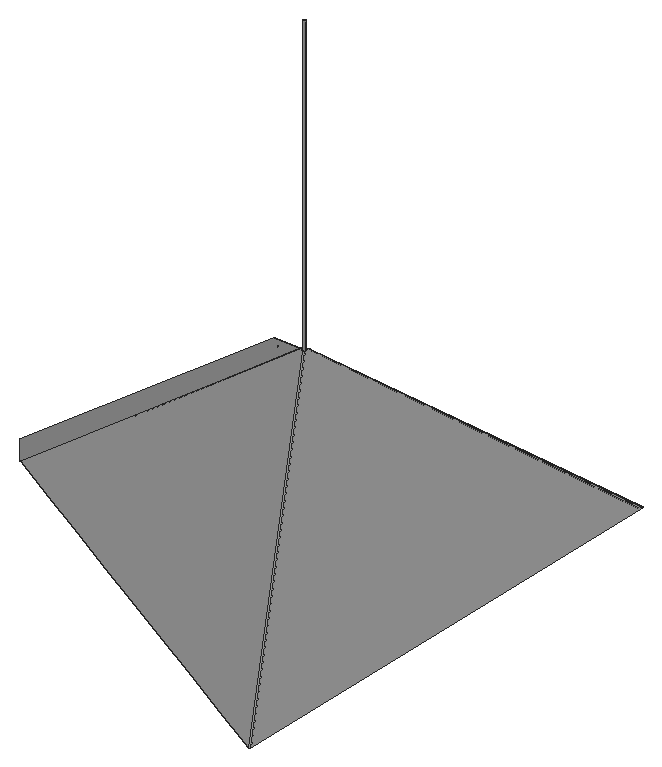
Revit family "Lighting_Pendants_Zero_Top_Pendant", category Lighting Fixtures, Revit 2020
Family settings
  Round Connector Dimension = Use Diameter
  Part Type = Normal
  OmniClass Number = 23.80.70.00
  OmniClass Title = Lighting
  Work Plane-Based = Yes
  Always vertical = Yes
  Cut with Voids When Loaded = No
  Light Source = Yes
  Shared = No
  Room Calculation Point = No
Parameters (values of type "Top Pendant E27/max 20W 1000mm Black")
  Youtube clip = ""
  Weight Net (Kg) = "0"
  Wattage = 8.21317 W
  WarrantyStartDate [instance] = "n/a"
  WarrantyGuarantorParts = "n/a"
  WarrantyGuarantorLabor = "n/a"
  WarrantyDurationUnit = "Year"
  WarrantyDurationParts = "n/a"
  WarrantyDurationLabor = "n/a"
  WarrantyDescription = "n/a"
  built-in parameter 1150110 = 1 (stored number, unit not read)
  VersionDate = "31/08/2023"  # constant formula
  Version = "4"  # constant formula
  UsageCurrent = 0 A
  Uniformat II Description = ""
  Uniformat II Code = ""
  Uniclass2015Reference = "Pr_70_70_48_86"
  Uniclass2015Description = "Suspended luminaires"
  Uniclass2 = "Pr_70_70_49_86"
  Uniclass 2015 Name = ""
  Uniclass 2015 Code = ""
  Uniclass 2.0 Description = ""
  Uniclass 2.0 Code = ""
  Uniclass 1.4 Description = ""
  Uniclass 1.4 Code = ""
  URL = "https://www.zerolighting.com/top-inompe"
  UNSPSC Code = ""
  TotalWattage = 20 W
  built-in parameter 1114217 = 1 (stored number, unit not read)
  Tilt Angle = 90.00°
  built-in parameter 1150109 = 1 (stored number, unit not read)
  built-in parameter 1150134 = (empty or 0)
  Technical description = ""
  TagNumber [instance] = "n/a"
  SustainabilityPerformance = "n/a"
  built-in parameter 1150113 = 1 (stored number, unit not read)
  Size = "867x1000x405 mm"
  Shape = "Pyramid"
  ShadeHeight = 405 mm
  SerialNumber [instance] = "n/a"
  Revision = "7"  # constant formula
  ReplacementCost = "n/a"
  Region South America = "None"
  Region Oceania = "AU, NZ"
  Region North America = "BZ, CR, GT, HN, MX, NI, PA, SV, US"
  Region Middle East = "AE"
  Region Europe = "AD, AL, AT, AX, BA, BE, BG, BY, CH, CY, CZ, DE, DK, EE, ES, FI, FO, FR, GB, GG, GI, GR, HR, HU, IE, IM, IS, IT, JE, LI, LT, LU, LV, MC, MD, ME, MK, MT, NL, NO, PL, PT, RO, RS, RU, SE, SI, SJ, SK, SM, UA, VA"
  Region Asia = "HK, JP, SG"
  Region Antarctica = "None"
  Region Africa = "None"
  ProductInformation = "n/a"
  Product group = "Pendant"
  Product family = "Top"
  Product certification = ""
  Product SKU = "Top_pendant"
  Product Guid = "4cb1c180-66f5-4794-a1c1-9f9fe7bc9403"
  Photometric Web File = "Top7850-3-42W_IES.IES"
  PhaseReference = "n/a"
  PhaseAngle = 0.00°
  OmniClass Description = ""
  OmniClass Code = ""
  NumberOfSources = 0
  NumberOfPoles = 1
  NominalVoltageCalc = 0 V
  NominalVoltage = 230 V
  NominalRadius = 580 mm
  NominalLength = 867 mm
  NominalFrequencyRange = 50 Hz
  NominalDiameter = 1160 mm
  NominalCurrent = 0 A
  Nominal width = 650.1 mm
  Nominal height = 260.4 mm
  Name = "Zero_Top_Pendant"  # constant formula
  NBSReference = "90-60-50/405"
  NBSDescription = "General purpose luminaires"
  NBS Reference Description = ""
  NBS Reference Code = ""
  ModelType = top-1000 : top-1000
  ModelReference = "n/a"
  ModelNumber = ArticleNumber  # "7852306"
  Model = "Top Pendant E27/max 20W 1000mm Black"
  Material secondary = "Acrylic"
  Material main = "Steel"
  Material = "Metal and plastic"
  Masterformat 2014 Description = ""
  Masterformat 2014 Code = ""
  ManufacturersSpecificInformation = "n/a"
  ManufacturerURL = "https://www.zerolighting.com/"
  ManufacturerName = "Zero"
  Manufacturer name = "ZERO"
  Manufacturer country = "Sweden"
  Manufacturer = "Zero"
  MaintenanceFactor = 0
  Lumens = 1220 lm
  built-in parameter 1150115 = 1 (stored number, unit not read)
  built-in parameter 1150105 = 97.085 (stored number, unit not read)
  LightFixturePlacingType = "Ceiling"
  LightFixtureMountingType = "Suspended"
  LightFixtureMainMaterial = Black
  built-in parameter 1150137 = (empty or 0)
  built-in parameter 1150139 = (empty or 0)
  LensMaterial = Tempered glass
  built-in parameter 1150112 = 1 (stored number, unit not read)
  built-in parameter 1150114 = 1 (stored number, unit not read)
  InsulationStandardClass = "n/a"
  InstallationDate [instance] = "n/a"
  Installation instructions = ""
  built-in parameter 1150132 = 2
  built-in parameter 1150102 = (empty or 0)
  built-in parameter 1150138 = (empty or 0)
  built-in parameter 1150107 = 3000 (stored number, unit not read)
  built-in parameter 1150106 = 0.97085 (stored number, unit not read)
  IfcExportType = "NOTDEFINED"  # constant formula
  IfcExportAs = "IfcLightFixtureType"  # constant formula
  IP_Code = "IP20"
  IFC Classification = ""
  HasProtectiveEarth = no
  GTIN code = ""
  Emit from Circle Diameter = 280 mm
  Emit Shape Visible in Rendering = no
  Edition number = 1
  DistanceWidth2 = 594.5 mm
  DistanceWidth1 = 405.5 mm
  DistanceLength2 = 577.8 mm
  DistanceLenght1 = 289.5 mm
  Dimming = "None"
  Grade = "n/a"
  Finish = "Painted metal. Diffuser in matt acrylic."
  Features = "Terminal block 3x4mm2. when HFF 5x4mm2"
  ExpectedLife = "n/a"
  ElectricalDeviceNominalPower = 0
  built-in parameter 1150104 = 13.8 (stored number, unit not read)
  EANNumber = "n/a"
  DurationUnit = "Year"
  Dimming Lamp Color Temperature Shift = <None>
  Designer = "Tham & Videgård"
  Design country = "Sweden"
  DefaultElevation = 0 mm
  Default Elevation [instance] = 1219.2 mm
  Date of publishing = ""
  Constituents = "n/a"
  Color Filter = 16777215
  Color = "Black or white"
  Collection = "Top"
  CodePerformance = "n/a"
  Category = "Pendant"
  CableLength [instance] = 600 mm
  COBIe Type Category = ""
  Brand url = "http://www.zero.se"
  Brand = "Zero"
  Barcode [instance] = "n/a"
  built-in parameter 1114218 = 1 (stored number, unit not read)
  BIMObjectName = "Lighting_Pendants_Zero_Top_Pendant"  # constant formula
  Author = "BIMstone"  # constant formula
  built-in parameter 1150133 = 10 (stored number, unit not read)
  AssetType = "Fixed"
  AssetIdentifier [instance] = "n/a"
  ArticleNumber = "7852306"
  AccessibilityPerformance = "n/a"
Types (20, lengths in mm): name | Wattage | TotalWattage | built-in parameter 1150134 | Size | ShadeHeight | Photometric Web File | NominalRadius | NominalLength | NominalDiameter | ModelType | ModelNumber | Model | Lumens | built-in parameter 1150105 | LightFixtureMainMaterial | built-in parameter 1150107 | built-in parameter 1150106 | Emit from Circle Diameter | DistanceWidth2 | DistanceWidth1 | DistanceLength2 | DistanceLenght1 | Dimming | ArticleNumber
  Top Pendant E27/max 20W 650mm White | 8.21317 W | 20 W | (empty or 0) | "564x650x260 mm" | 260 | "Top7850-3-42W_IES.IES" | 375 | 564 | 750 | top-650 : top-650 | "7852101" | "Top Pendant E27/max 20W 650mm White" | 1220 lm | 97.085 (stored number, unit not read) | White | 3000 (stored number, unit not read) | 0.97085 (stored number, unit not read) | 180 | 417 | 232.954 | 375.7 | 188.5 | "None" | "7852101"
  Top Pendant E27/max 20W 1000mm Black | 8.21317 W | 20 W | (empty or 0) | "867x1000x405 mm" | 405 | "Top7850-3-42W_IES.IES" | 580 | 867 | 1160 | top-1000 : top-1000 | "7852306" | "Top Pendant E27/max 20W 1000mm Black" | 1220 lm | 97.085 (stored number, unit not read) | Black | 3000 (stored number, unit not read) | 0.97085 (stored number, unit not read) | 280 | 594.5 | 405.5 | 577.8 | 289.5 | "None" | "7852306"
  Top Pendant LED 1223LM/17W 650mm White | 8.23336 W | 17 W | (empty or 0) | "564x650x260 mm" | 260 | "Top7857-1_IES.IES" | 375 | 564 | 750 | top-650 : top-650 | "7857101" | "Top Pendant LED 1223LM/17W 650mm White" | 1223 lm | 209.13 (stored number, unit not read) | White | 3000 (stored number, unit not read) | 2.0913 (stored number, unit not read) | 180 | 417 | 232.954 | 375.7 | 188.5 | "None" | "7857101"
  Top Pendant LED 3829LM/32W 1000mm White | 25.7772 W | 32 W | (empty or 0) | "867x1000x405 mm" | 405 | "Top78603-3000K.IES" | 580 | 867 | 1160 | top-1000 : top-1000 | "7860301-30" | "Top Pendant LED 3829LM/32W 1000mm White" | 3829 lm | 304.7 (stored number, unit not read) | White | 3000 (stored number, unit not read) | 3.047 (stored number, unit not read) | 280 | 594.5 | 405.5 | 577.8 | 289.5 | "None" | "7860301-30"
  Top Pendant LED 3829LM/32W 1000mm White DALI | 25.7772 W | 32 W | (empty or 0) | "867x1000x405 mm" | 405 | "Top78603-3000K.IES" | 580 | 867 | 1160 | top-1000 : top-1000 | "7860301D30" | "Top Pendant LED 3829LM/32W 1000mm White DALI" | 3829 lm | 304.7 (stored number, unit not read) | White | 3000 (stored number, unit not read) | 3.047 (stored number, unit not read) | 280 | 594.5 | 405.5 | 577.8 | 289.5 | "Dimmable DALI or SwitchDim" | "7860301D30"
  Top Pendant LED 1223LM/17W 650mm White HFF | 8.23336 W | 17 W | (empty or 0) | "564x650x260 mm" | 260 | "Top7857-1_IES.IES" | 375 | 564 | 750 | top-650 : top-650 | "7857101HFF" | "Top Pendant LED 1223LM/17W 650mm White HFF" | 1223 lm | 209.13 (stored number, unit not read) | White | 3000 (stored number, unit not read) | 2.0913 (stored number, unit not read) | 180 | 417 | 232.954 | 375.7 | 188.5 | "Dimmable DALI or SwitchDim" | "7857101HFF"
  Top Pendant LED 1223LM/17W 650mm Black | 8.23336 W | 17 W | (empty or 0) | "564x650x260 mm" | 260 | "Top7857-1_IES.IES" | 375 | 564 | 750 | top-650 : top-650 | "7857106" | "Top Pendant LED 1223LM/17W 650mm Black" | 1223 lm | 209.13 (stored number, unit not read) | Black | 3000 (stored number, unit not read) | 2.0913 (stored number, unit not read) | 180 | 417 | 232.954 | 375.7 | 188.5 | "None" | "7857106"
  Top Pendant LED 1223LM/17W 650mm Black HFF | 8.23336 W | 17 W | (empty or 0) | "564x650x260 mm" | 260 | "Top7857-1_IES.IES" | 375 | 564 | 750 | top-650 : top-650 | "7857106HFF" | "Top Pendant LED 1223LM/17W 650mm Black HFF" | 1223 lm | 209.13 (stored number, unit not read) | Black | 3000 (stored number, unit not read) | 2.0913 (stored number, unit not read) | 180 | 417 | 232.954 | 375.7 | 188.5 | "Dimmable DALI or SwitchDim" | "7857106HFF"
  Top Pendant LED 3829LM/32W 1000mm Black | 25.7772 W | 32 W | (empty or 0) | "867x1000x405 mm" | 405 | "Top78603-3000K.IES" | 580 | 867 | 1160 | top-1000 : top-1000 | "7860306-30" | "Top Pendant LED 3829LM/32W 1000mm Black" | 3829 lm | 304.7 (stored number, unit not read) | Black | 3000 (stored number, unit not read) | 3.047 (stored number, unit not read) | 280 | 594.5 | 405.5 | 577.8 | 289.5 | "None" | "7860306-30"
  Top Pendant LED 3829LM/32W 1000mm Black DALI | 25.7772 W | 32 W | (empty or 0) | "867x1000x405 mm" | 405 | "Top78603-3000K.IES" | 580 | 867 | 1160 | top-1000 : top-1000 | "7860306D30" | "Top Pendant LED 3829LM/32W 1000mm Black DALI" | 3829 lm | 304.7 (stored number, unit not read) | Black | 3000 (stored number, unit not read) | 3.047 (stored number, unit not read) | 280 | 594.5 | 405.5 | 577.8 | 289.5 | "Dimmable DALI or SwitchDim" | "7860306D30"
  Top Pendant E27/max 20W 650mm Black | 8.21317 W | 20 W | (empty or 0) | "564x650x260 mm" | 260 | "Top7850-3-42W_IES.IES" | 375 | 564 | 750 | top-650 : top-650 | "7852106" | "Top Pendant E27/max 20W 650mm Black" | 1220 lm | 97.085 (stored number, unit not read) | Black | 3000 (stored number, unit not read) | 0.97085 (stored number, unit not read) | 180 | 417 | 232.954 | 375.7 | 188.5 | "None" | "7852106"
  Top Pendant E27/max 20W 1000mm White | 8.21317 W | 20 W | (empty or 0) | "867x1000x405 mm" | 405 | "Top7850-3-42W_IES.IES" | 580 | 867 | 1160 | top-1000 : top-1000 | "7852301" | "Top Pendant E27/max 20W 1000mm White" | 1220 lm | 97.085 (stored number, unit not read) | White | 3000 (stored number, unit not read) | 0.97085 (stored number, unit not read) | 280 | 594.5 | 405.5 | 577.8 | 289.5 | "None" | "7852301"
  Top Pendant LED 1346LM/17W 650mm White | 9.06141 W | 17 W | 12 | "564x650x260 mm" | 260 | "Top7857-1_IES.IES" | 375 | 564 | 750 | top-650 : top-650 | "7857101-40" | "Top Pendant LED 1346LM/17W 650mm White" | 1346 lm | 107.11 (stored number, unit not read) | White | 4000 (stored number, unit not read) | 1.0711 (stored number, unit not read) | 180 | 417 | 232.954 | 375.7 | 188.5 | "None" | "7857101-40"
  Top Pendant LED 1346LM/17W 650mm White DALI | 9.06141 W | 17 W | 12 | "564x650x260 mm" | 260 | "Top7857-1_IES.IES" | 375 | 564 | 750 | top-650 : top-650 | "7857101D40" | "Top Pendant LED 1346LM/17W 650mm White DALI" | 1346 lm | 107.11 (stored number, unit not read) | White | 4000 (stored number, unit not read) | 1.0711 (stored number, unit not read) | 180 | 417 | 232.954 | 375.7 | 188.5 | "Dimmable DALI or SwitchDim" | "7857101D40"
  Top Pendant LED 1346LM/17W 650mm Black | 9.06141 W | 17 W | 12 | "564x650x260 mm" | 260 | "Top7857-1_IES.IES" | 375 | 564 | 750 | top-650 : top-650 | "7857106-40" | "Top Pendant LED 1346LM/17W 650mm Black" | 1346 lm | 107.11 (stored number, unit not read) | Black | 4000 (stored number, unit not read) | 1.0711 (stored number, unit not read) | 180 | 417 | 232.954 | 375.7 | 188.5 | "None" | "7857106-40"
  Top Pendant LED 1346LM/17W 650mm Black DALI | 9.06141 W | 17 W | 12 | "564x650x260 mm" | 260 | "Top7857-1_IES.IES" | 375 | 564 | 750 | top-650 : top-650 | "7857106D40" | "Top Pendant LED 1346LM/17W 650mm Black DALI" | 1346 lm | 107.11 (stored number, unit not read) | Black | 4000 (stored number, unit not read) | 1.0711 (stored number, unit not read) | 180 | 417 | 232.954 | 375.7 | 188.5 | "Dimmable DALI or SwitchDim" | "7857106D40"
  Top Pendant LED 4010LM/32W 1000mm Black | 26.9957 W | 32 W | 12 | "867x1000x405 mm" | 405 | "Top78603-4000K.IES" | 580 | 867 | 1160 | top-1000 : top-1000 | "7860306-40" | "Top Pendant LED 4010LM/32W 1000mm Black" | 4010 lm | 1262.4 (stored number, unit not read) | Black | 4000 (stored number, unit not read) | 12.624 (stored number, unit not read) | 280 | 594.5 | 405.5 | 577.8 | 289.5 | "None" | "7860306-40"
  Top Pendant LED 4010LM/32W 1000mm Black DALI | 26.9957 W | 32 W | 12 | "867x1000x405 mm" | 405 | "Top78603-4000K.IES" | 580 | 867 | 1160 | top-1000 : top-1000 | "7860306D40" | "Top Pendant LED 4010LM/32W 1000mm Black DALI" | 4010 lm | 1262.4 (stored number, unit not read) | Black | 4000 (stored number, unit not read) | 12.624 (stored number, unit not read) | 280 | 594.5 | 405.5 | 577.8 | 289.5 | "Dimmable DALI or SwitchDim" | "7860306D40"
  Top Pendant LED 4010LM/32W 1000mm White | 26.9957 W | 32 W | 12 | "867x1000x405 mm" | 405 | "Top78603-4000K.IES" | 580 | 867 | 1160 | top-1000 : top-1000 | "7860301-40" | "Top Pendant LED 4010LM/32W 1000mm White" | 4010 lm | 1262.4 (stored number, unit not read) | White | 4000 (stored number, unit not read) | 12.624 (stored number, unit not read) | 280 | 594.5 | 405.5 | 577.8 | 289.5 | "None" | "7860301-40"
  Top Pendant LED 4010LM/32W 1000mm White DALI | 26.9957 W | 32 W | 12 | "867x1000x405 mm" | 405 | "Top78603-4000K.IES" | 580 | 867 | 1160 | top-1000 : top-1000 | "7860301D40" | "Top Pendant LED 4010LM/32W 1000mm White DALI" | 4010 lm | 1262.4 (stored number, unit not read) | White | 4000 (stored number, unit not read) | 12.624 (stored number, unit not read) | 280 | 594.5 | 405.5 | 577.8 | 289.5 | "Dimmable DALI or SwitchDim" | "7860301D40"
Reference planes
  plane 1 "Light Source Axis (F/B)": y = 0
  plane 2: z = 0
  plane 3 "Light Source Axis (L/R)": x = 0
  plane 4 "Ceiling": z = 0
  plane 5 "Light Source Elevation": z = -1005
  plane 6: z = -600
  plane 7: y = -93.046
  plane 8: y = 405.5
  plane 9: y = -594.5
  plane 10: x = 289.5
  plane 11: x = -577.8
  plane 12: z = 0
Forms (mm)
  Extrusion 1, solid, material "Black" <- "LightFixtureMainMaterial", detail levels medium+fine
    sketch origin (0, 0, -1005) x (-1, 0, 0) y (0, -1, 0)
      loop
        circle (0, 93.046) r 2.5
    from 405 to 1005
  Extrusion 2, solid, material "Black" <- "LightFixtureMainMaterial", detail levels coarse
    sketch origin (0, 0, -1005) x (-1, 0, 0) y (0, -1, 0)
      loop
        line (577.8, 594.5) -> (-289.487, 594.5) -> (-289.487, -405.54) -> (577.8, -405.54) -> (577.8, 594.5)
    from 0 to 1005
Lines and regions (mm)
  symbolic lines, detail levels medium+fine
    curve 1: line (2.5, 0, -600) -> (2.5, 0, 0)
    curve 2: line (-2.5, 0, 0) -> (-2.5, 0, -600)
    curve 3: line (0, -90.546, -600) -> (0, -90.546, 0)
    curve 4: line (0, -95.546, 0) -> (0, -95.546, -600)
Dimensions and locks
  "ShadeHeight": plane 5 "Light Source Elevation" to plane 6
  "CableLength": level to plane 6
  "DistanceWidth1": plane 1 "Light Source Axis (F/B)" to plane 8
  "DistanceWidth2": plane 9 to plane 1 "Light Source Axis (F/B)"
  "DistanceLength2": plane 11 to plane 3 "Light Source Axis (L/R)"
  "DistanceLenght1": plane 3 "Light Source Axis (L/R)" to plane 10
  aligned and locked: plane 3 "Light Source Axis (L/R)" to imposter light
  aligned and locked: imposter light to plane 5 "Light Source Elevation"
  aligned and locked: level to Extrusion 1
  aligned and locked: Extrusion 1 to plane 6
  aligned and locked: nested 1 to plane 5 "Light Source Elevation"
  aligned and locked: level to Extrusion 2
  aligned and locked: plane 5 "Light Source Elevation" to Extrusion 2
Automatic sketch dimensions
  Extrusion 1 sketch curve to plane 3 "Light Source Axis (L/R)" = 0 mm
  Extrusion 1 sketch curve to plane 7 = 0 mm
  curve 2 to level = 0 mm
  curve 2 to plane 6 = 0 mm
  curve 1 to level = 0 mm
  curve 1 to plane 6 = 0 mm
  curve 2 to plane 3 "Light Source Axis (L/R)" = 2.5 mm
  plane 3 "Light Source Axis (L/R)" to curve 1 = 2.5 mm
  curve 4 to level = 0 mm
  curve 4 to plane 6 = 0 mm
  curve 3 to level = 0 mm
  curve 3 to plane 6 = 0 mm
  curve 4 to plane 7 = 2.5 mm
  plane 7 to curve 3 = 2.5 mm
  plane 9 to Extrusion 2 sketch curve = 0 mm
  Extrusion 2 sketch curve to plane 11 = 0 mm
  Extrusion 2 sketch curve to plane 10 = 0.013 mm
  Extrusion 2 sketch curve to plane 8 = 0.04 mm
Nested families
  nested 1: "top-1000" at (-0.006, -93.046, -1005), type <- "ModelType", Material1 <- "LightFixtureMainMaterial", Material2 <- "LensMaterial", type "top-1000"
    with Material2 Tempered glass, Material1 Black
Connectors
  electrical at (0, -93.046, 0), driven by "NominalVoltage"
    settings: on Extrusion 1, index 1, voltage 230 V, apparent load 0 VA, apparent load phase1 0 VA, apparent load phase2 0 VA, apparent load phase3 0 VA, power factor 1, load classification "Other", number of poles 1, system type 31, power factor state 1, is connector primary yes, connector utility no, sub classification motor no, connector description ""
Definition of nested family "top-1000"
  Parameters (values of type "top-1000")
    Material2 [instance] = none
    Material1 [instance] = none
    Default Elevation = 0 mm
  Reference planes
    plane 1 "Center (Front/Back)": y = 0
    plane 2: z = 0
    plane 3 "Center (Left/Right)": x = 0
  Forms (mm)
    Blend 1, solid, material <- "Material1", detail levels medium+fine
      base sketch origin (-93.587, 0, 0) x (1, 0, 0) y (0, 1, 0)
        loop
          line (380.631, 500) -> (-483.032, 1.364) -> (-484.117, 1.071) -> (-484.117, -1.071) -> (-483.032, -1.364) -> (380.631, -500)
          arc (380.631, -500) -> (382.132, -499.772) -> (383.081, -498.586) r 2.085
          line (383.081, -498.586) -> (383.081, 498.586)
          arc (383.081, 498.586) -> (382.132, 499.772) -> (380.631, 500) r 2.085
      top sketch origin (-93.587, 0, 0) x (1, 0, 0) y (0, 1, 0)
        loop
          arc (98.434, 5.563) -> (97.616, 6.976) -> (95.983, 6.975) r 1.633
          line (95.983, 6.975) -> (83.912, 0) -> (95.986, -6.977)
          arc (95.986, -6.977) -> (97.619, -6.977) -> (98.434, -5.563) r 1.631
          line (98.434, -5.563) -> (98.434, 5.563)
      from 0 to 405
    Blend 2, void, detail levels medium+fine
      base sketch origin (-93.587, 0, 0) x (1, 0, 0) y (0, 1, 0)
        loop
          line (378.081, 492.754) -> (-475.394, 0) -> (378.081, -492.754) -> (378.081, 492.754)
      top sketch origin (-93.587, 0, 0) x (1, 0, 0) y (0, 1, 0)
        loop
          line (95.983, 5.561) -> (86.36, 0) -> (95.985, -5.562)
          arc (95.985, -5.562) -> (96.801, -5.562) -> (97.209, -4.855) r 0.816
          line (97.209, -4.855) -> (97.209, 4.853)
          arc (97.209, 4.853) -> (96.8, 5.561) -> (95.983, 5.561) r 0.817
      from 0 to 405.2
    Extrusion 3, solid, material <- "Material2", detail levels medium+fine
      sketch origin (-93.587, 0, 0) x (1, 0, 0) y (0, 1, 0)
        loop
          line (378.081, -492.754) -> (378.081, 492.754) -> (-475.394, 0) -> (378.081, -492.754)
      from 0 to 1
    Extrusion 4, solid, material <- "Material1", detail levels medium+fine
      sketch origin (0, 0, 0) x (1, 0, 0) y (0, 0, 1)
        loop
          line (-61.404, 405) -> (-577.704, 39.921) -> (-577.704, 0) -> (-575.509, 0) -> (-9.675, 403.435) -> (-9.675, 405) -> (-61.404, 405)
        loop
          circle (-52.302, 393.505) r 1.499
      from -1 to 1
  Cuts and joins
    Blend 2 cuts Blend 1
  Lines and regions (mm)
    symbolic lines, detail levels medium+fine
      curve 1: line (-577.704, 0, 39.921) -> (-577.704, 0, 0)
      curve 2: line (-61.404, 0, 405) -> (-577.704, 0, 39.921)
      curve 3: line (-7.479, 0, 405) -> (-61.404, 0, 405)
      curve 4: line (4.847, 0, 405) -> (-7.479, 0, 405)
      curve 5: line (289.494, 0, 0) -> (4.847, 0, 405)
      curve 6: line (-577.704, 0, 0) -> (289.494, 0, 0)
      curve 11: line (0, 500, 0) -> (0, 6.975, 405)
      curve 12: line (0, -500, 0) -> (0, 500, 0)
      curve 13: line (0, -500, 0) -> (0, -6.977, 405)
      curve 15: line (0, 6.975, 405) -> (0, -6.977, 405)
      curve 19: line (287.044, -500, 0) -> (-577.704, -0.737, 0)
      curve 20: line (-577.704, 0.737, 0) -> (287.044, 500, 0)
      curve 21: arc (289.494, -498.586, 0) -> (288.546, -499.772, 0) -> (287.044, -500, 0) r 2.085
      curve 22: line (289.494, 498.586, 0) -> (289.494, -498.586, 0)
      curve 23: arc (287.044, 500, 0) -> (288.546, 499.772, 0) -> (289.494, 498.586, 0) r 2.085
      curve 24: arc (-577.704, -0.737, 0) -> (-577.805, 0, 0) -> (-577.704, 0.737, 0) r 2.742
    symbolic lines, detail levels fine
      curve 7: line (287.044, 0, 0) -> (2.4, 0, 405)
      curve 8: line (-9.675, 0, 405) -> (-577.704, 0, 0)
      curve 9: arc (-50.802, 0, 393.505) -> (-52.302, 0, 392.006) -> (-53.801, 0, 393.505) r 1.499
      curve 10: arc (-53.801, 0, 393.505) -> (-52.302, 0, 395.005) -> (-50.802, 0, 393.505) r 1.499
      curve 14: line (0, -498.586, 0) -> (0, -5.563, 405)
      curve 16: line (0, 498.586, 0) -> (0, 5.563, 405)
      curve 17: line (0, 1, 0) -> (0, 1, 405)
      curve 18: line (0, -1, 405) -> (0, -1, 0)
      curve 25: line (-577.249, -1, 0) -> (-7.944, -1, 0)
      curve 26: line (-7.944, 1, 0) -> (-577.249, 1, 0)
      curve 27: line (-7.944, -1, 0) -> (-7.944, 1, 0)
      curve 28: line (2.396, 6.975, 0) -> (-7.944, 1, 0)
      curve 29: line (-7.944, -1, 0) -> (2.4, -6.977, 0)
      curve 30: arc (2.4, -6.977, 0) -> (4.032, -6.977, 0) -> (4.847, -5.563, 0) r 1.631
      curve 31: line (4.847, -5.563, 0) -> (4.847, 5.563, 0)
      curve 32: arc (4.847, 5.563, 0) -> (4.029, 6.976, 0) -> (2.396, 6.975, 0) r 1.633
      curve 33: arc (2.536, 5.802, 0) -> (3.352, 5.801, 0) -> (3.76, 5.094, 0) r 0.817
      curve 34: arc (3.76, -5.096, 0) -> (3.353, -5.802, 0) -> (2.537, -5.802, 0) r 0.815
      curve 35: line (3.76, 5.094, 0) -> (3.76, -5.096, 0)
      curve 36: line (2.537, -5.802, 0) -> (-7.505, 0, 0)
      curve 37: line (-7.505, 0, 0) -> (2.536, 5.802, 0)
      curve 38: line (287.044, 500, 0) -> (2.396, 6.975, 0)
      curve 39: line (289.494, 498.586, 0) -> (4.847, 5.563, 0)
      curve 40: line (289.494, -498.586, 0) -> (4.847, -5.563, 0)
      curve 41: line (287.029, -499.97, 0) -> (2.4, -6.977, 0)
  Dimensions and locks
    aligned and locked: level to plane 2
